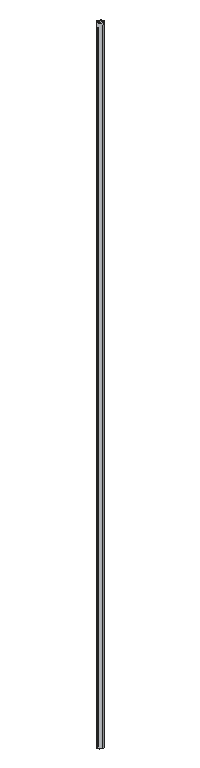
Revit family "墙体测斜", category Generic Models, Revit 2016
Family settings
  Part Type = Normal
  Can host rebar = No
  Round Connector Dimension = Use Diameter
  Work Plane-Based = No
  Always vertical = Yes
  Cut with Voids When Loaded = No
  Shared = No
  Room Calculation Point = No
Parameters
  直径 = 100 mm
  监测数据 [instance] = ""
  深度 = 12000 mm
  测点编号 [instance] = ""
  壁厚 = 20 mm
  内径 = 直径 - 2 * 壁厚  # 60 mm
Reference planes
  plane 1 "中心(前/后)": y = 0
  plane 2: z = 0
  plane 3 "中心(左/右)": x = 0
Forms (mm)
  Extrusion 1, solid
    sketch origin (3021.728, -229.593, 0) x (1, 0, 0) y (0, 1, 0)
      loop
        circle (-3021.728, 229.593) r 50
    from -12000 to 0
  Extrusion 2, void
    sketch origin (0, 0, 0) x (1, 0, 0) y (0, 1, 0)
      loop
        circle (0, 0) r 30
    from -12000 to 0
Cuts and joins
  Extrusion 2 cuts Extrusion 1
Dimensions and locks
  "深度": Extrusion 1 to Extrusion 1
  "直径": diameter of Extrusion 1 sketch curve
  "内径": diameter of Extrusion 2 sketch curve
  aligned and locked: level to plane 2
  aligned and locked: level to Extrusion 1
  aligned and locked: level to Extrusion 2
  aligned and locked: Extrusion 1 to Extrusion 2
Automatic sketch dimensions
  plane 1 "中心(前/后)" to Extrusion 1 sketch curve = 0 mm
  Extrusion 1 sketch curve to plane 3 "中心(左/右)" = 0 mm
  plane 1 "中心(前/后)" to Extrusion 2 sketch curve = 0 mm
  Extrusion 2 sketch curve to plane 3 "中心(左/右)" = 0 mm
